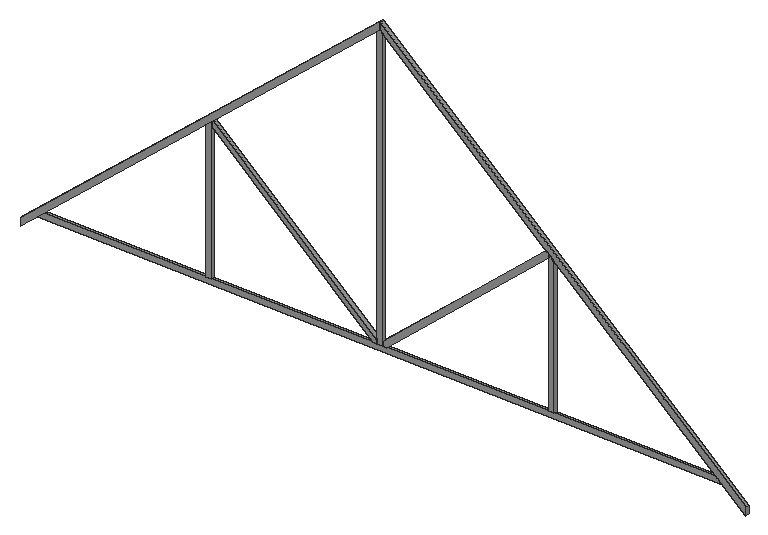
Revit family "HoweTruss", category Structural Framing, Revit 2023
Family settings
  Section Shape = Not Defined
  Material for Model Behavior = Wood
  Always export as geometry = No
  OmniClass Number = 23.25.30.21.14
  OmniClass Title = Trussed Beams and Joists
  Work Plane-Based = No
  Always vertical = Yes
  Cut with Voids When Loaded = No
  Symbolic Representation = From Family
  Shared = No
  Show family pre-cut in plan views = Yes
Parameters
  WebWidth [instance] = 50 mm
  WebDepth [instance] = 100 mm
  T_Volume [instance] = 0.00 m³
  TopWidth [instance] = 50 mm
  Structural Material [instance] = Poche
  SpanRight [instance] = 6000 mm
  SpanLeft [instance] = 6000 mm
  Span [instance] = SpanLeft + SpanRight  # 12000 mm
  SlopeRight [instance] = 40.00°
  SlopeLeft [instance] = 40.00°
  OverhangRight [instance] = 300 mm
  OverhangLeft [instance] = 400 mm
  TopDepth [instance] = 100 mm
  BottomWidth [instance] = 50 mm
  BottomDepth [instance] = 100 mm
Reference planes
  plane 1 "Center (Front/Back)": y = 0
  plane 2: z = 0
  plane 3 "Center (Left/Right)": x = 0
  plane 4: x = -6000
  plane 5: x = 6000
  plane 6: x = 6400
  plane 7: x = -6300
  plane 8: z = 100
  plane 9: x = -3000
  plane 10: x = -50
  plane 11: x = 50
  plane 12: x = 3000
  plane 13: x = 2950
  plane 14: x = 3050
  plane 15: x = -3050
  plane 16: x = -2950
Forms (mm)
  Extrusion 1, solid, material "Cherry"
    sketch origin (0, 0, 0) x (1, 0, 0) y (0, 0, 1)
      loop
        line (6400, -335.64) -> (6400, -205.099) -> (0, 5165.139) -> (0, 5034.598) -> (6400, -335.64)
    from -40 to 25
  Extrusion 2, solid, material "Cherry"
    sketch origin (0, 0, 0) x (1, 0, 0) y (0, 0, 1)
      loop
        line (-6300, -121.189) -> (-6300, -251.73) -> (0, 5034.598) -> (0, 5165.139) -> (-6300, -121.189)
    from -40 to 25
  Extrusion 3, solid, material "Cherry"
    sketch origin (0, 0, 0) x (1, 0, 0) y (0, 0, 1)
      loop
        line (-6000, 0) -> (6000, 0) -> (5880.825, 100) -> (-5880.825, 100) -> (-6000, 0)
    from -25 to 25
  Extrusion 4, solid, material "Cherry"
    sketch origin (0, 0, 0) x (1, 0, 0) y (0, 0, 1)
      loop
        line (127.307, 100) -> (2950, 2493.696) -> (2950, 2559.254) -> (2911.142, 2591.86) -> (50, 165.558) -> (50, 100) -> (127.307, 100)
    from -25 to 25
  Extrusion 5, solid, material "Cherry"
    sketch origin (0, 0, 0) x (1, 0, 0) y (0, 0, 1)
      loop
        line (-50, 165.558) -> (-2911.142, 2591.86) -> (-2950, 2559.254) -> (-2950, 2493.696) -> (-127.307, 100) -> (-50, 100) -> (-50, 165.558)
    from -25 to 25
  Extrusion 6, solid, material "Cherry"
    sketch origin (0, 0, 0) x (1, 0, 0) y (0, 0, 1)
      loop
        line (3050, 2475.344) -> (2950, 2559.254) -> (2950, 100) -> (3050, 100) -> (3050, 2475.344)
    from -25 to 25
  Extrusion 7, solid, material "Cherry"
    sketch origin (0, 0, 0) x (1, 0, 0) y (0, 0, 1)
      loop
        line (-2950, 2559.254) -> (-3050, 2475.344) -> (-3050, 100) -> (-2950, 100) -> (-2950, 2559.254)
    from -25 to 25
  Extrusion 8, solid, material "Cherry"
    sketch origin (0, 0, 0) x (1, 0, 0) y (0, 0, 1)
      loop
        line (50, 4992.643) -> (0, 5034.598) -> (-50, 4992.643) -> (-50, 100) -> (50, 100) -> (50, 4992.643)
    from -25 to 25
Lines and regions (mm)
  reference lines
    curve 1: line (6000, 0, 0) -> (0, 0, 5034.598)
    curve 2: line (-6000, 0, 0) -> (0, 0, 5034.598)
    curve 3: line (6001.738, 0, 129.083) -> (-8.024, 0, 5171.871)
    curve 4: line (-5999.444, 0, 131.007) -> (-84.65, 0, 5094.109)
    curve 5: line (0, 25, 1939.254) -> (0, 25, -520.746)
    curve 6: line (0, -25, 1939.254) -> (0, -25, -520.746)
    curve 7: line (0, -25, 1939.254) -> (0, -25, -520.746)
    curve 8: line (0, -25, 1939.254) -> (0, -25, -520.746)
    curve 9: line (0, 25, 1939.254) -> (0, 25, -520.746)
    curve 10: line (0, 25, 1939.254) -> (0, 25, -520.746)
    curve 11: line (50, 0, 100) -> (2950, 0, 2559.254)
    curve 12: line (-50, 0, 100) -> (-2950, 0, 2559.254)
    curve 13: line (-28.171, 0, 99.267) -> (2911.142, 0, 2591.86)
    curve 14: line (50.725, 0, 35.057) -> (2988.858, 0, 2526.648)
    curve 15: line (28.171, 0, 99.267) -> (-2911.142, 0, 2591.86)
    curve 16: line (-50.725, 0, 35.057) -> (-2988.858, 0, 2526.648)
Dimensions and locks
  "SpanLeft": plane 3 "Center (Left/Right)" to plane 5
  "SpanRight": plane 3 "Center (Left/Right)" to plane 4
  "OverhangLeft": plane 5 to plane 6
  "OverhangRight": plane 7 to plane 4
  "BottomDepth": level to plane 8
  "TopDepth": curve 1 to curve 3
  "TopDepth": curve 4 to curve 2
  equal spacing: curve 5, curve 4, curve 6
  "TopWidth": curve 5 to curve 6
  equal spacing: curve 9, curve 4, curve 7
  "WebWidth": curve 9 to curve 7
  equal spacing: curve 10, curve 4, curve 8
  "BottomWidth": curve 10 to curve 8
  equal spacing: plane 11, plane 3 "Center (Left/Right)", plane 10
  "WebDepth": plane 11 to plane 10
  equal spacing: plane 5, plane 12, plane 3 "Center (Left/Right)"
  equal spacing: plane 3 "Center (Left/Right)", plane 9, plane 4
  equal spacing: plane 14, plane 12, plane 13
  "WebDepth": plane 14 to plane 13
  equal spacing: plane 16, plane 9, plane 15
  "WebDepth": plane 16 to plane 15
  equal spacing: curve 14, curve 11, curve 13
  "WebDepth": curve 14 to curve 13
  equal spacing: curve 15, curve 12, curve 16
  "WebDepth": curve 15 to curve 16
  "SlopeLeft": angle level to curve 1
  "SlopeRight": angle curve 2 to level
  aligned and locked: plane 2 to level
  aligned and locked: plane 3 "Center (Left/Right)" to curve 1
  aligned and locked: plane 5 to curve 1
  aligned and locked: curve 1 to level
  aligned and locked: level to curve 2
  aligned and locked: Extrusion 1 sketch curve to curve 1
  aligned and locked: Extrusion 1 sketch curve to curve 3
  aligned and locked: Extrusion 1 sketch curve to plane 3 "Center (Left/Right)"
  aligned and locked: Extrusion 1 sketch curve to plane 6
  aligned and locked: Extrusion 1 to curve 6
  aligned and locked: Extrusion 2 sketch curve to curve 4
  aligned and locked: Extrusion 2 sketch curve to curve 2
  aligned and locked: plane 7 to Extrusion 2 sketch curve
  aligned and locked: Extrusion 2 sketch curve to plane 3 "Center (Left/Right)"
  aligned and locked: Extrusion 2 to Extrusion 1
  aligned and locked: Extrusion 1 to Extrusion 2
  aligned and locked: Extrusion 3 sketch curve to level
  aligned and locked: Extrusion 3 sketch curve to plane 8
  aligned and locked: Extrusion 1 to Extrusion 3 sketch curve
  aligned and locked: Extrusion 2 to Extrusion 3 sketch curve
  aligned and locked: curve 10 to Extrusion 3
  aligned and locked: Extrusion 3 to curve 8
  aligned and locked: curve 14 to Extrusion 4 sketch curve
  aligned and locked: curve 13 to Extrusion 4 sketch curve
  aligned and locked: Extrusion 4 sketch curve to plane 13
  aligned and locked: Extrusion 1 to Extrusion 4 sketch curve
  aligned and locked: plane 11 to Extrusion 4 sketch curve
  aligned and locked: Extrusion 3 to Extrusion 4 sketch curve
  aligned and locked: curve 15 to Extrusion 5 sketch curve
  aligned and locked: curve 16 to Extrusion 5 sketch curve
  aligned and locked: Extrusion 2 to Extrusion 5 sketch curve
  aligned and locked: Extrusion 5 sketch curve to plane 10
  aligned and locked: Extrusion 3 to Extrusion 5 sketch curve
  aligned and locked: plane 16 to Extrusion 5 sketch curve
  aligned and locked: plane 14 to Extrusion 6 sketch curve
  aligned and locked: Extrusion 6 sketch curve to plane 13
  aligned and locked: Extrusion 1 to Extrusion 6 sketch curve
  aligned and locked: Extrusion 3 to Extrusion 6 sketch curve
  aligned and locked: plane 16 to Extrusion 7 sketch curve
  aligned and locked: Extrusion 7 sketch curve to plane 15
  aligned and locked: Extrusion 2 to Extrusion 7 sketch curve
  aligned and locked: Extrusion 3 to Extrusion 7 sketch curve
  aligned and locked: plane 11 to Extrusion 8 sketch curve
  aligned and locked: Extrusion 8 sketch curve to plane 10
  aligned and locked: Extrusion 3 to Extrusion 8 sketch curve
  aligned and locked: Extrusion 8 sketch curve to Extrusion 1
  aligned and locked: Extrusion 2 to Extrusion 8 sketch curve
  aligned and locked: Extrusion 7 to curve 9
  aligned and locked: Extrusion 7 to curve 7
  aligned and locked: Extrusion 5 to curve 9
  aligned and locked: Extrusion 5 to curve 7
  aligned and locked: Extrusion 4 to curve 9
  aligned and locked: Extrusion 4 to curve 7
  aligned and locked: Extrusion 6 to curve 9
  aligned and locked: Extrusion 6 to curve 7
  aligned and locked: Extrusion 8 to curve 9
  aligned and locked: Extrusion 8 to curve 7
Automatic sketch dimensions
  plane 16 to curve 12 = 0 mm
  curve 12 to plane 8 = 0 mm
  curve 12 to plane 10 = 0 mm
  curve 11 to plane 8 = 0 mm
  plane 11 to curve 11 = 0 mm
  curve 11 to plane 13 = 0 mm
  curve 4 to plane 4 = 0.556 mm
  curve 4 to plane 10 = 34.65 mm
  curve 16 to plane 10 = 0.725 mm
  curve 13 to plane 8 = 0.733 mm
  curve 3 to plane 3 "Center (Left/Right)" = 8.024 mm
  curve 15 to plane 8 = 0.733 mm
  curve 14 to plane 11 = 0.725 mm
  curve 3 to plane 5 = 1.738 mm
  curve 10 to level = 520.746 mm
  curve 5 to curve 10 = 0 mm
  curve 8 to curve 5 = 0 mm
  curve 6 to curve 5 = 0 mm  (x2)
  curve 8 to curve 7 = 0 mm  (x2)
  curve 9 to curve 10 = 0 mm  (x2)
  plane 8 to curve 6 = 1839.254 mm
  curve 6 to curve 9 = 0 mm
  curve 8 to curve 6 = 0 mm
